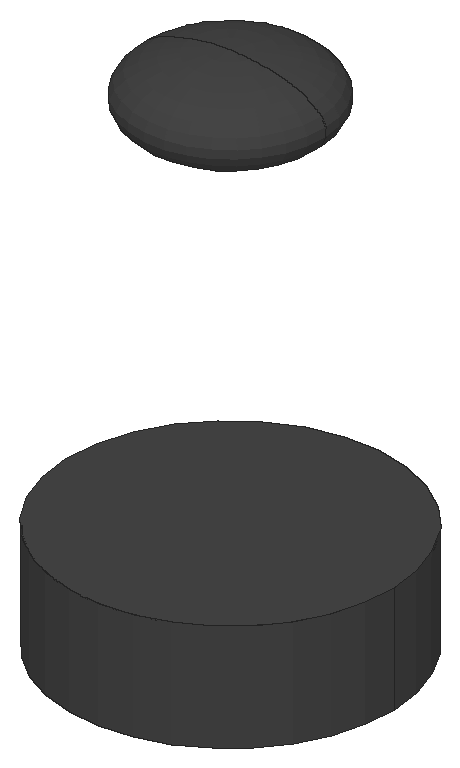
Revit family "Finca Cipres", category Vegetación, Revit 2027
Family settings
  Se basa en plano de trabajo = No
  Siempre vertical = Sí
  Corte con vacíos al cargar = No
  Origen de apariencia de renderización = Geometría de familia
  Compartido = No
Parameters
  Elevación por defecto = 0 mm
  Altura = 0 mm
Reference planes
  plane 1 "Centro (Frontal/Posterior)": y = 0
  plane 2: z = 0
  plane 3 "Centro (Izquierda/Derecha)": x = 0
Forms (mm)
  Extrusion 1, solid, material "Finca - Tronco"
    sketch origin (0, 0, 0) x (1, 0, 0) y (0, 1, 0)
      loop
        circle (0, 0) r 12
    from 0 to 8
  Revolve 2, solid, material "Finca - Follaje"
    sketch origin (0, 0, 0) x (0, 0, 1) y (1, 0, 0)
      loop
        line (33, 0) -> (39, 0)
        spline (39, 0) -> (38.898, 1.812) -> (38.598, 3.5) -> (38.121, 4.95) -> (37.5, 6.062) -> (36.776, 6.761) -> (36, 7) -> (35.224, 6.761) -> (34.5, 6.062) -> (33.879, 4.95) -> (33.402, 3.5) -> (33.102, 1.812) -> (33, 0)
      axis (33, 0) -> (39, 0)
    angle from 0 to 360
Dimensions and locks
  aligned and locked: level to plane 2
